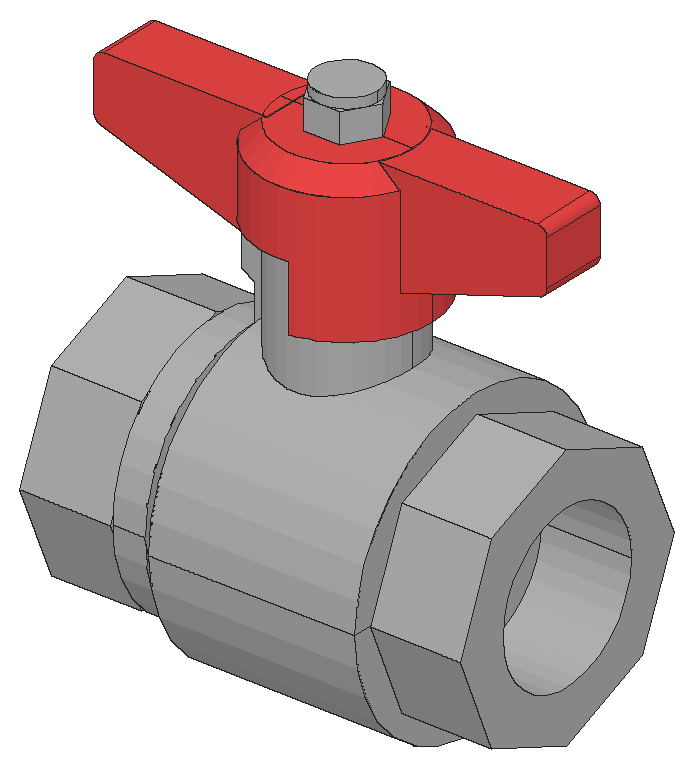
Revit family "QA01200000", category Apparecchi idraulici, Revit 2016
Family settings
  Tipo di parte = Normale
  Quota connettore circolare = Usa diametro
  Numero OmniClass = 23.45.00.00
  Titolo OmniClass = Sanitary, Laundry, and Cleaning Equipment
  Basato su piano di lavoro = No
  Sempre verticale = Sì
  Taglio con vuoti quando caricato = No
  Condiviso = No
  Punto di calcolo locali = No
Parameters
  URL = "https://web.cimberio.it/index.php/figura/385?subcategoria_id=41693"
  DN Model [instance] = QA01201025 : QA01201025
  DN [instance] = 25 mm
Reference planes
  plane 1 "Centro (Fronte/Retro)": y = 0
  plane 2: z = 0
  plane 3 "Centro (Sinistra/Destra)": x = 0
Dimensions and locks
  aligned and locked: level to plane 2
Nested families
  nested 1: "QA01201025" at (0, 0, 0), type <- "DN Model", type "QA01201025"
  nested 2: "QA01201025" at (0, 0, 0), type <- "DN Model", type "QA01201025"
  nested 3: "QA01201025" at (0, 0, 0), type <- "DN Model", type "QA01201025"
  nested 4: "QA01201025" at (0, 0, 0), type <- "DN Model", type "QA01201025"
  nested 5: "QA01201025" at (0, 0, 0), type <- "DN Model", type "QA01201025"
  nested 6: "QA01201025" at (0, 0, 0), type <- "DN Model", type "QA01201025"
  nested 7: "QA01201025" at (0, 0, 0), type <- "DN Model", type "QA01201025"
  nested 8: "QA01201025" at (0, 0, 0), type <- "DN Model", type "QA01201025"
Connectors
  piping at (34.022, 0, 0), diameter 25, driven by "DN"
    settings: on nested 1, index 1, connector inside diameter 609.6 mm, connector length 0 mm, flow factor 0, pipe flow 0.0 L/s, pressure drop 0.0 Pa, fitting loss kfactor 0, connector angle 0.00°, fixture units 0, engagement length 0 mm, angle of deflection 0.00°, flow configuration 0, flow direction 0, fitting loss method 0, system type 7, joint type 0, gender type 0, connector reference index -1, connector utility 0, adjustable connector no, is connector primary yes, connector description ""
  piping at (-34.022, 0, 0), diameter 25, driven by "DN"
    settings: on nested 1, index 2, connector inside diameter 609.6 mm, connector length 0 mm, flow factor 0, pipe flow 0.0 L/s, pressure drop 0.0 Pa, fitting loss kfactor 0, connector angle 0.00°, fixture units 0, engagement length 0 mm, angle of deflection 0.00°, flow configuration 0, flow direction 0, fitting loss method 0, system type 7, joint type 0, gender type 0, connector reference index -1, connector utility 0, adjustable connector no, is connector primary no, connector description ""
Definition of nested family "QA01201025"
  Reference planes
    plane 1 "Centro (Fronte/Retro)": y = 0
    plane 2: z = 0
    plane 3 "Centro (Sinistra/Destra)": x = 0
  Forms (mm)
    Extrusion 1, solid
      sketch origin (0, 0, 28.55) x (1, 0, 0) y (0, 1, 0)
        loop
          circle (0, 0) r 10.25
        loop
          circle (0, 0) r 6.348
      from -20.832 to 15.409
    Extrusion 2, solid
      sketch origin (-1.996, 0, 4.955) x (1, 0, 0) y (0, 0, 1)
        loop
          line (-13, 30.345) -> (-13, 24.043) -> (-11, 22.888) -> (-11, 9.005) -> (-5.604, 9.005) -> (-5.604, 30.345) -> (-13, 30.345)
      from 0 to 1.497
    Extrusion 3, solid
      sketch origin (0, 0, 53.8) x (0, 1, 0) y (-1, 0, 0)
        loop
          line (0, 5.6) -> (-4.85, 2.8) -> (-4.85, -2.8) -> (0, -5.6) -> (4.85, -2.8) -> (4.85, 2.8) -> (0, 5.6)
      from 0 to 4.5
    Extrusion 4, solid
      sketch origin (0, 0, 58.3) x (0, 1, 0) y (-1, 0, 0)
        loop
          circle (0, 0) r 4.75
      from 0 to 1.5
    Revolve 5, solid
      sketch origin (0, 0, 0) x (0, 1, 0) y (-1, 0, 0)
        loop
          line (9.248, 20) -> (9.248, -19.995) -> (23.417, -20.105) -> (23.417, 11.833) -> (20.25, 15) -> (20.25, 20) -> (9.248, 20)
        axis (0, 20) -> (0, -20.105)
      angle from 0 to 360
    Revolve 6, solid
      sketch origin (0, 0, 0) x (1, 0, 0) y (0, 0, 1)
        loop
          line (0, 53.806) -> (-10.244, 53.806) -> (-13.25, 50.8) -> (-13.25, 30.778) -> (-10.467, 30.778) -> (-10.467, 45.453) -> (0, 45.453) -> (0, 53.806)
        axis (0, 30.778) -> (0, 53.806)
      angle from 0 to 360
    Extrusion 7, void
      sketch origin (0, 0, 58.3) x (-1, 0, 0) y (0, 1, 0)
        loop
          line (14.025, 0) -> (10.467, 0)
          arc (10.467, 0) -> (6.812, -7.947) -> (-1.6, -10.344) r 10.467
          line (-1.6, -10.344) -> (-1.6, -13.934)
          arc (-1.6, -13.934) -> (9.334, -10.468) -> (14.025, 0) r 14.025
      from 17.5 to 31.018
    Extrusion 8, solid
      sketch origin (0, 0, 0) x (1, 0, 0) y (0, 0, 1)
        loop
          line (-8.311, 53.806) -> (-33.5, 53.806)
          arc (-33.5, 53.806) -> (-34.561, 53.366) -> (-35, 52.306) r 1.5
          line (-35, 52.306) -> (-35, 45.221)
          arc (-35, 45.221) -> (-34.715, 44.344) -> (-33.969, 43.802) r 1.492
          line (-33.969, 43.802) -> (-11.277, 36.429) -> (-8.311, 53.806)
        loop
          line (8.311, 53.806) -> (11.277, 36.429) -> (33.969, 43.802)
          arc (33.969, 43.802) -> (34.715, 44.344) -> (35, 45.221) r 1.492
          line (35, 45.221) -> (35, 52.306)
          arc (35, 52.306) -> (34.561, 53.366) -> (33.5, 53.806) r 1.5
          line (33.5, 53.806) -> (8.311, 53.806)
      from -5.094 to 5.094
    Extrusion 9, solid
      sketch origin (-16, 0, 0) x (0, 0, 1) y (0, 1, 0)
        loop
          circle (0, 0) r 12.5
        loop
          line (20.5, 0) -> (14.496, 14.496) -> (0, 20.5) -> (-14.496, 14.496) -> (-20.5, 0) -> (-14.496, -14.496) -> (0, -20.5) -> (14.496, -14.496) -> (20.5, 0)
      from 4 to 18.022
    Extrusion 10, solid
      sketch origin (16, 0, 0) x (0, 0, 1) y (0, -1, 0)
        loop
          circle (0, 0) r 12.5
        loop
          line (20.5, 0) -> (14.496, 14.496) -> (0, 20.5) -> (-14.496, 14.496) -> (-20.5, 0) -> (-14.496, -14.496) -> (0, -20.5) -> (14.496, -14.496) -> (20.5, 0)
      from 4 to 18.022
  Cuts and joins
    joined: Extrusion 1, Extrusion 2, Revolve 5
    Extrusion 7 cuts Revolve 6
  Dimensions and locks
    aligned and locked: level to plane 2
